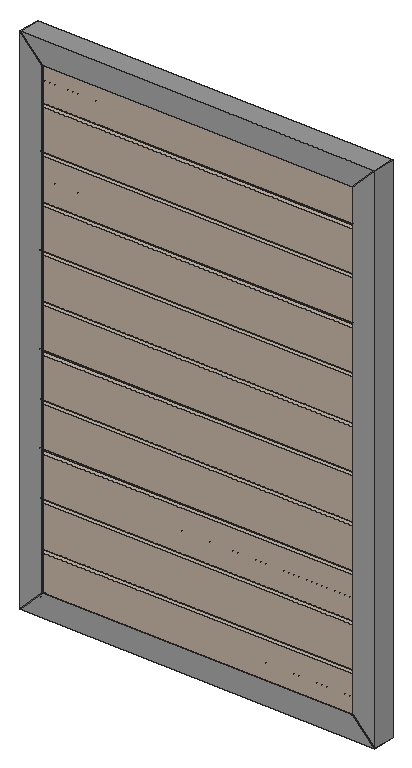
Revit family "TandG_Aluminum_Plank_Solid_Panel", category Specialty Equipment, Revit 2025
Family settings
  Round Connector Dimension = Use Diameter
  Part Type = Normal
  OmniClass Number = 23.55.00.00
  OmniClass Title = Manufactured Structures
  Work Plane-Based = No
  Enable Cutting in Views = No
  Always vertical = No
  Cut with Voids When Loaded = No
  Maintain Annotation Orientation = No
  Shared = No
  Room Calculation Point = No
Parameters (values of type "Assembly")
  Width [instance] = if(Desired Overall Width < C Min Width, C Min Width, if(Desired Overall Width > C Max Width, C Max Width, Desired Overall Width))  # 4' - 0"
  Warranty URL = "https://palmshieldlouvers.com/wp-content/uploads/2020/01/PalmSHIELD-Warranty-NO-SIGN-LINE.pdf"
  Version = "2020 - v1.0a"  # constant formula
  URL = "https://palmshieldlouvers.com/"
  Product Page URL = "https://palmshieldlouvers.com/products/augustus-solid/"
  Product Documentation Link = "https://palmshieldlouvers.com/wp-content/uploads/2020/05/PalmSHIELD-Solid-Composite-Technical-Data-Sheet.pdf"
  Offset From Surface = 0' - 2"  # constant formula
  Model = "Augustus - Aluminum"  # constant formula
  Material = Metal - PalmSHIELD - Dusty Grey
  Manufacturer Phone Number = "531-329-4406 "  # constant formula
  Manufacturer Email = "mailto: info@palmshieldlouvers.com"
  Manufacturer Address = "12330 Cary Circle, La Vista, NE 68128"  # constant formula
  Manufacturer = "PalmSHIELD"  # constant formula
  Louver Finish = Metal - PalmSHIELD - Grey Beige
  Keynote = "05 10 00"
  Instruction Sheet Link = "https://palmshieldlouvers.com/wp-content/uploads/2020/01/PalmSHIELD-Post-Panel-Gate-Installation-Instructions-REV-1.pdf"
  ID [instance] = "Not Assigned"
  Height [instance] = if(Desired Overall Height < C Min Height, C Min Height, if(Desired Overall Height > C Max Height, C Max Height, Desired Overall Height))  # 6' - 0"
  Desired Overall Width [instance] = 4' - 0"
  Desired Overall Height [instance] = 6' - 0"
  Desired Bottom Angle [instance] = 0.00°
  Description = "Augustus - Aluminum - Panel Assembly"  # constant formula
  Default Elevation = 0' - 0"
  Copyright = "Copyright ©2024 The American Fence Company and PalmSHIELD. All Rights Reserved."  # constant formula
  Component Vis [instance] = yes
  Component Name [instance] = "Augustus - Aluminum - Panel Assembly"  # constant formula
  C Min Width [instance] = 4' - 0"  # constant formula
  C Min Height [instance] = C Min Width  # 4' - 0"
  C Max Width [instance] = 6' - 0"  # constant formula
  C Max Height [instance] = 8' - 0"  # constant formula
  C Angle [instance] = if(Desired Bottom Angle > 10.00°, 10.00°, if(Desired Bottom Angle < -10.00°, -10.00°, Desired Bottom Angle))  # 0.00°
  Assembly Code = "F1020100"
Reference planes (in)
  plane 1 "Center (Front/Back)": y = 0
  plane 2: z = 0
  plane 3 "Center (Left/Right)": x = 0
  plane 4: z = 72
  plane 5: x = 48
  plane 6: y = 3
  plane 7: y = 1.5
Lines and regions (in)
  reference lines
    curve 1: line (48, 0, 96.95698) -> (48, 0, -11)
    curve 2: line (-20.8931, 0, 72) -> (71.1069, 0, 72)
Dimensions and locks (in)
  "Desired Overall Height": curve 2 to level
  "Desired Overall Width": curve 1 to plane 3 "Center (Left/Right)"
  "Height": plane 4 to level
  "Width": plane 5 to plane 3 "Center (Left/Right)"
  equal spacing: plane 1 "Center (Front/Back)", plane 7, plane 6
  aligned and locked: plane 2 to level
Automatic sketch dimensions
  curve 2 to plane 3 "Center (Left/Right)" = 1' - 8.8931"
  plane 5 to curve 2 = 1' - 11.1069"
  curve 1 to level = 0' - 11"
  plane 4 to curve 1 = 2' - 0.95698"
Nested families (in)
  nested 1: "Screening-Louver-Assembly-Panel-Palmshield-Augustus-Aluminum" at (0, 0, 0), Desired Overall Height <- "Desired Overall Height", Desired Overall Width <- "Desired Overall Width", ID <- "ID", Height <- "Height", Width <- "Width", Component Vis <- "Component Vis", type "Assembly"
    with Width 4' - 0", Louver Length 3' - 7", ID "Not Assigned", Height 6' - 0", Desired Overall Width 4' - 0", Desired Overall Height 6' - 0", Desired Bottom Angle 0.00°, Component Vis yes, Component Name "Augustus - Aluminum - Panel Assembly", C Top Post Length 4' - 0", C Straight Corner Angle 45.00°, C Slope Angle Neg 0.00°, C Slope Angle 0.00°, C Side Frame Width 0' - 3", C Side Adjustment 0' - 0", C Rib Thickness Bottom Offset 0' - 0 1/4", C Rib Bottom Side Offset 0' - 0", C Louver Offset 0' - 2", C Louver Count 11, C Infill Angle Width Right 0' - 0", C Infill Angle Width Left 0' - 1", C Infill Angle Offset 0' - 0 1/4", C Hip 4' - 0", C Frame Offset 0' - 2 1/2", C Corner Offset 0' - 0", C B-Side Post Length 6' - 0", C B-Side Angle 45.00°, C Angle 90.00°, C A-Side Post Length 6' - 0", C A-Side Angle 45.00°
  nested 2: "Nested-L_Frame-Palmshield-Augustus" at (0, 0, 72) x (0, 1, 0) z (1, 0, 0), type "ALUM L 3" X 3" X 1/4""
    with Material Metal - PalmSHIELD - Dusty Grey, Length 5' - 10", ID "Not Assigned", Component Name "Augustus - Aluminum - L Frame", B-Side Cut Angle 45.00°, A-Side Cut Angle 45.00°
  nested 3: "Nested-L_Frame-Palmshield-Augustus" at (48, 0, 2) x (0, 1, 0) z (-1, 0, 0), type "ALUM L 3" X 3" X 1/4""
    with Material Metal - PalmSHIELD - Dusty Grey, Length 5' - 10", ID "Not Assigned", Component Name "Augustus - Aluminum - L Frame", B-Side Cut Angle 45.00°, A-Side Cut Angle 45.00°
  nested 4: "Nested-L_Frame-Palmshield-Augustus" at (48, 0, 72) x (0, 1, 0) z (0, 0, -1), type "ALUM L 3" X 3" X 1/4""
    with Material Metal - PalmSHIELD - Dusty Grey, Length 4' - 0", ID "Not Assigned", Component Name "Augustus - Aluminum - L Frame", B-Side Cut Angle 45.00°, A-Side Cut Angle 45.00°
  nested 5: "Nested-L_Frame-Palmshield-Augustus" at (0, 0, 2) x (0, 1, 0) z (0, 0, 1), type "ALUM L 3" X 3" X 1/4""
    with Material Metal - PalmSHIELD - Dusty Grey, Length 4' - 0", ID "Not Assigned", Component Name "Augustus - Aluminum - L Frame", B-Side Cut Angle 45.00°, A-Side Cut Angle 45.00°
  nested 6: "Nested-Louvers-Palmshield-Augustus-Aluminum" at (2.5, 1.188, 10.25) x (0, -1, 0) z (1, 0, 0), type "6" TONGUE AND GROOVE INFILL SLATS"
    with Material Metal - PalmSHIELD - Grey Beige, Length 3' - 7", ID "Not Assigned", Component Name "Augustus - Aluminum - Infill Slat"
  nested 7: "Nested-Louvers-Palmshield-Augustus-Aluminum" at (2.5, 1.188, 28.25) x (0, -1, 0) z (1, 0, 0), type "6" TONGUE AND GROOVE INFILL SLATS"
    with Material Metal - PalmSHIELD - Grey Beige, Length 3' - 7", ID "Not Assigned", Component Name "Augustus - Aluminum - Infill Slat"
  nested 8: "Nested-Louvers-Palmshield-Augustus-Aluminum" at (2.5, 1.188, 34.25) x (0, -1, 0) z (1, 0, 0), type "6" TONGUE AND GROOVE INFILL SLATS"
    with Material Metal - PalmSHIELD - Grey Beige, Length 3' - 7", ID "Not Assigned", Component Name "Augustus - Aluminum - Infill Slat"
  nested 9: "Nested-Louvers-Palmshield-Augustus-Aluminum" at (2.5, 1.188, 40.25) x (0, -1, 0) z (1, 0, 0), type "6" TONGUE AND GROOVE INFILL SLATS"
    with Material Metal - PalmSHIELD - Grey Beige, Length 3' - 7", ID "Not Assigned", Component Name "Augustus - Aluminum - Infill Slat"
  nested 10: "Nested-Louvers-Palmshield-Augustus-Aluminum" at (2.5, 1.188, 46.25) x (0, -1, 0) z (1, 0, 0), type "6" TONGUE AND GROOVE INFILL SLATS"
    with Material Metal - PalmSHIELD - Grey Beige, Length 3' - 7", ID "Not Assigned", Component Name "Augustus - Aluminum - Infill Slat"
  nested 11: "Nested-Louvers-Palmshield-Augustus-Aluminum" at (2.5, 1.188, 52.25) x (0, -1, 0) z (1, 0, 0), type "6" TONGUE AND GROOVE INFILL SLATS"
    with Material Metal - PalmSHIELD - Grey Beige, Length 3' - 7", ID "Not Assigned", Component Name "Augustus - Aluminum - Infill Slat"
  nested 12: "Nested-Louvers-Palmshield-Augustus-Aluminum" at (2.5, 1.188, 58.25) x (0, -1, 0) z (1, 0, 0), type "6" TONGUE AND GROOVE INFILL SLATS"
    with Material Metal - PalmSHIELD - Grey Beige, Length 3' - 7", ID "Not Assigned", Component Name "Augustus - Aluminum - Infill Slat"
  nested 13: "Nested-Louvers-Palmshield-Augustus-Aluminum" at (2.5, 1.188, 64.25) x (0, -1, 0) z (1, 0, 0), type "6" TONGUE AND GROOVE INFILL SLATS"
    with Material Metal - PalmSHIELD - Grey Beige, Length 3' - 7", ID "Not Assigned", Component Name "Augustus - Aluminum - Infill Slat"
  nested 14: "Nested-Louvers-Palmshield-Augustus-Aluminum" at (2.5, 1.188, 70.25) x (0, -1, 0) z (1, 0, 0), type "6" TONGUE AND GROOVE INFILL SLATS"
    with Material Metal - PalmSHIELD - Grey Beige, Length 3' - 7", ID "Not Assigned", Component Name "Augustus - Aluminum - Infill Slat"
  nested 15: "Nested-Louvers-Palmshield-Augustus-Aluminum" at (2.5, 1.188, 16.25) x (0, -1, 0) z (1, 0, 0), type "6" TONGUE AND GROOVE INFILL SLATS"
    with Material Metal - PalmSHIELD - Grey Beige, Length 3' - 7", ID "Not Assigned", Component Name "Augustus - Aluminum - Infill Slat"
  nested 16: "Nested-Louvers-Palmshield-Augustus-Aluminum" at (2.5, 1.188, 22.25) x (0, -1, 0) z (1, 0, 0), type "6" TONGUE AND GROOVE INFILL SLATS"
    with Material Metal - PalmSHIELD - Grey Beige, Length 3' - 7", ID "Not Assigned", Component Name "Augustus - Aluminum - Infill Slat"
Definition of nested family "Nested-L_Frame-Palmshield-Augustus"
  Parameters (values of type "ALUM L 3" X 3" X 1/4"")
    Width = 0' - 3"  # constant formula
    Warranty URL = "https://palmshieldlouvers.com/wp-content/uploads/2020/01/PalmSHIELD-Warranty-NO-SIGN-LINE.pdf"
    Version = "2020 - v1.0a"  # constant formula
    URL = "https://palmshieldlouvers.com/"
    Thickness = 0' - 0 1/4"  # constant formula
    Product Page URL = "https://palmshieldlouvers.com/products/semi-private-screening/"
    Product Documentation Link = "Contact Manufacturer for More Information"
    Model = "Augustus"  # constant formula
    Material [instance] = none
    Manufacturer Phone Number = "531-329-4406 "  # constant formula
    Manufacturer Fax Number = "Consult Manufacturer Website for More Information"  # constant formula
    Manufacturer Email = "mailto: info@palmshieldlouvers.com"
    Manufacturer Address = "12330 Cary Circle, La Vista, NE 68128"  # constant formula
    Manufacturer = "PalmSHIELD"  # constant formula
    Length [instance] = 4' - 4.86713"
    Keynote = "05 10 00"
    Instruction Sheet Link = "Contact Manufacturer for More Information"
    ID [instance] = ""
    Description = "Augustus - L Frame"  # constant formula
    Default Elevation = 4' - 0"
    Copyright = "Copyright ©2024 The American Fence Company and PalmSHIELD. All Rights Reserved."  # constant formula
    Component Name [instance] = "Augustus - Aluminum - L Frame"  # constant formula
    C Hole Offset = 0' - 1 1/2"  # constant formula
    B-Side Cut Angle [instance] = 45.00°
    Assembly Code = "F1020100"
    A-Side Cut Angle [instance] = 45.00°
  Reference planes (in)
    plane 1 "Center (Front/Back)": y = 0
    plane 2: z = 0
    plane 3 "Center (Left/Right)": x = 0
    plane 4: x = 3
    plane 5: y = -52.86713
    plane 6: z = 3
  Forms (in)
    Extrusion 1, solid
      sketch origin (0, 0, 0) x (1, 0, 0) y (0, 1, 0)
        loop
          line (-48, 48) -> (-48, -48) -> (48, -48) -> (48, 48) -> (-48, 48)
      from 0 to -12
    Sweep 2, solid, material <- "Material"
      path origin (0, 0, 0) x (0, 1, 0) y (0, 0, 1)
        loop
          line (0, 0) -> (-52.86713, 0)
      profile "Profile-Palmshield-L : AL L3" X 3" X 1/4" - 6061-T6" origin (0, -26.43357, 0) x (0, 0, -1) y (1, 0, 0)
        loop
          line (-0.3125, 0.25) -> (-2.875, 0.25)
          arc (-2.875, 0.25) -> (-2.96339, 0.21339) -> (-3, 0.125) r 0.125
          line (-3, 0.125) -> (-3, 0) -> (0, 0) -> (0, 3) -> (-0.125, 3)
          arc (-0.125, 3) -> (-0.21339, 2.96339) -> (-0.25, 2.875) r 0.125
          line (-0.25, 2.875) -> (-0.25, 0.3125)
          arc (-0.25, 0.3125) -> (-0.26831, 0.26831) -> (-0.3125, 0.25) r 0.0625
    Extrusion 3, void
      sketch origin (0, 0, 0) x (0, 1, 0) y (0, 0, 1)
        loop
          line (-3, 3) -> (0, 0) -> (4.7449, 0) -> (4.7449, 3) -> (-3, 3)
        loop
          line (-57.61203, 3) -> (-57.61203, 0) -> (-52.86713, 0) -> (-49.86713, 3) -> (-57.61203, 3)
      from 0 to 3
  Cuts and joins
    Extrusion 3 cuts Sweep 2
  Dimensions and locks (in)
    "Width": plane 3 "Center (Left/Right)" to plane 4
    "Length": plane 1 "Center (Front/Back)" to plane 5
    "Width": plane 6 to plane 2
    locked: Extrusion 3 sketch curve to plane 1 "Center (Front/Back)" at 4.7449
    locked: plane 5 to Extrusion 3 sketch curve at 4.7449
    "B-Side Cut Angle": angle Extrusion 3 sketch curve to plane 1 "Center (Front/Back)"
    "A-Side Cut Angle": angle plane 5 to Extrusion 3 sketch curve
    aligned and locked: plane 2 to Extrusion 1
    aligned and locked: level to Extrusion 1
    aligned and locked: plane 1 "Center (Front/Back)" to Sweep 2 sketch curve
    aligned and locked: plane 5 to Sweep 2 sketch curve
    aligned and locked: Extrusion 3 sketch curve to plane 6
    aligned and locked: level to Extrusion 3 sketch curve
    aligned and locked: plane 6 to Extrusion 3 sketch curve
    aligned and locked: Extrusion 3 sketch curve to plane 2
    aligned and locked: plane 1 "Center (Front/Back)" to Extrusion 3 sketch curve
    aligned and locked: plane 2 to Extrusion 3 sketch curve
    aligned and locked: plane 5 to Extrusion 3 sketch curve
    aligned and locked: Extrusion 3 to plane 3 "Center (Left/Right)"
    aligned and locked: Extrusion 3 to plane 4
  Automatic sketch dimensions
    Extrusion 1 sketch curve to Extrusion 1 sketch curve = 8' - 0"  (x2)
    Sweep 2 sketch curve to level = 0' - 0"
Definition of nested family "Nested-Louvers-Palmshield-Augustus-Aluminum"
  Parameters (values of type "6" TONGUE AND GROOVE INFILL SLATS")
    Width = 0' - 6 1/2"  # constant formula
    Warranty URL = "https://palmshieldlouvers.com/wp-content/uploads/2020/01/PalmSHIELD-Warranty-NO-SIGN-LINE.pdf"
    Version = "2020 - v1.0a"  # constant formula
    URL = "https://palmshieldlouvers.com/"
    Thickness = 0' - 0 15/16"  # constant formula
    Product Page URL = "Contact Manufacturer for More Information"
    Product Documentation Link = "Contact Manufacturer for More Information"
    Model = "Augustus - Vinyl"  # constant formula
    Material [instance] = none
    Manufacturer Phone Number = "531-329-4406 "  # constant formula
    Manufacturer Fax Number = "Consult Manufacturer Website for More Information"  # constant formula
    Manufacturer Email = "mailto: info@palmshieldlouvers.com"
    Manufacturer Address = "12330 Cary Circle, La Vista, NE 68128"  # constant formula
    Manufacturer = "PalmSHIELD"  # constant formula
    Length [instance] = 4' - 4.86713"
    Keynote = "05 10 00"
    ID [instance] = ""
    Description = "Augustus - Aluminum - Infill Slat"  # constant formula
    Default Elevation = 4' - 0"
    Copyright = "©2023 The American Fence Company and PalmSHIELD. All Rights Reserved."  # constant formula
    Component Name [instance] = "Augustus - Aluminum - Infill Slat"  # constant formula
    Assembly Code = "F1020100"
  Reference planes (in)
    plane 1 "Center (Front/Back)": y = 0
    plane 2: z = 0
    plane 3 "Center (Left/Right)": x = 0
    plane 4: z = 52.86713
    plane 5: y = 6.5
  Forms (in)
    Extrusion 1, solid
      sketch origin (0, 0, 0) x (1, 0, 0) y (0, 1, 0)
        loop
          line (-48, 48) -> (-48, -48) -> (48, -48) -> (48, 48) -> (-48, 48)
      from 0 to -12
    Sweep 2, solid, material <- "Material"
      path origin (0, 0, 0) x (0, 1, 0) y (0, 0, 1)
        loop
          line (0, 0) -> (0, 52.86713)
      profile "Profile-Palmshield-Louver : LOUVERS TYP. - 6063-T6" origin (0, 0, 26.43357) x (0, -1, 0) y (1, 0, 0)
        loop
          line (-3.28125, 0.8755) -> (-5.97411, 0.8755) -> (-6.1875, 0.66211) -> (-6.1875, 0.5315) -> (-5.9375, 0.5315) -> (-5.9375, 0.2815) -> (-6.19311, 0.2815) -> (-5.97411, 0.0625) -> (-3.28125, 0.0625) -> (-3.28125, 0.8755)
        loop
          line (-0.5625, 0.6565) -> (-0.30689, 0.6565) -> (-0.52589, 0.8755) -> (-3.21875, 0.8755) -> (-3.21875, 0.0625) -> (-0.52589, 0.0625) -> (-0.3125, 0.27589) -> (-0.3125, 0.4065) -> (-0.5625, 0.4065) -> (-0.5625, 0.6565)
        loop
          line (-6.25, 0.25) -> (-6, 0) -> (-3.25, 0) -> (-0.5, 0) -> (-0.25, 0.25) -> (-0.25, 0.344) -> (0, 0.344) -> (0, 0.469) -> (-0.5, 0.469) -> (-0.5, 0.594) -> (-0.25, 0.594) -> (-0.25, 0.688) -> (-0.5, 0.938) -> (-3.25, 0.938) -> (-6, 0.938) -> (-6.25, 0.688) -> (-6.25, 0.594) -> (-6.5, 0.594) -> (-6.5, 0.469) -> (-6, 0.469) -> (-6, 0.344) -> (-6.25, 0.344) -> (-6.25, 0.25)
  Dimensions and locks (in)
    "Length": plane 4 to plane 2
    "Width": plane 5 to plane 1 "Center (Front/Back)"
    aligned and locked: plane 2 to Extrusion 1
    aligned and locked: level to Extrusion 1
    aligned and locked: plane 1 "Center (Front/Back)" to Sweep 2 sketch curve
    aligned and locked: plane 4 to Sweep 2 sketch curve
  Automatic sketch dimensions
    Extrusion 1 sketch curve to Extrusion 1 sketch curve = 8' - 0"  (x2)
    Sweep 2 sketch curve to level = 0' - 0"
Definition of nested family "Screening-Louver-Assembly-Panel-Palmshield-Augustus-Aluminum"
  Parameters (values of type "Assembly")
    Width [instance] = if(Desired Overall Width < 3' 0", 3' 0", if(Desired Overall Width > 6' 0", 6' 0", Desired Overall Width))  # 4' - 0"
    Warranty URL = "https://palmshieldlouvers.com/wp-content/uploads/2020/01/PalmSHIELD-Warranty-NO-SIGN-LINE.pdf"
    Version = "2020 - v1.0a"  # constant formula
    URL = "https://palmshieldlouvers.com/"
    Offset From Surface = 0' - 2"  # constant formula
    Material = none
    Louver Separation = 0' - 0"  # constant formula
    Product Page URL = "https://palmshieldlouvers.com/products/augustus-solid/"
    Product Documentation Link = "https://palmshieldlouvers.com/wp-content/uploads/2020/05/PalmSHIELD-Solid-Composite-Technical-Data-Sheet.pdf"
    Model = "Augustus - Aluminum - Post Assembly"  # constant formula
    Manufacturer Phone Number = "531-329-4406 "  # constant formula
    Manufacturer Fax Number = "Consult Manufacturer Website for More Information"  # constant formula
    Manufacturer Email = "mailto: info@palmshieldlouvers.com"
    Manufacturer Address = "12330 Cary Circle, La Vista, NE 68128"  # constant formula
    Manufacturer = "PalmSHIELD"  # constant formula
    Louver Length [instance] = Width - 2 * C Frame Offset  # 3' - 7"
    Louver Finish = none
    Keynote = "05 10 00"
    Instruction Sheet Link = "https://palmshieldlouvers.com/wp-content/uploads/2020/01/PalmSHIELD-Post-Panel-Gate-Installation-Instructions-REV-1.pdf"
    ID [instance] = "Not Assigned"
    Height [instance] = if(Desired Overall Height < 3' 0", 3' 0", if(Desired Overall Height > 8' 0", 8' 0", Desired Overall Height))  # 6' - 7 3/16"
    Frame Width = 0' - 3"  # constant formula
    Frame Thickness = 0' - 0 1/4"  # constant formula
    Desired Overall Width [instance] = 4' - 0"
    Desired Overall Height [instance] = 6' - 7 3/16"
    Description = "Augustus - Aluminum - Panel Assembly"  # constant formula
    Default Elevation = 0' - 0"
    Copyright = "Copyright ©2024 The American Fence Company and PalmSHIELD. All Rights Reserved."  # constant formula
    Component Vis [instance] = yes
    Component Name [instance] = "Augustus - Aluminum - Panel Assembly"  # constant formula
    C Top Post Length [instance] = Width  # 4' - 0"
    C Straight Corner Angle [instance] = 45.00°  # constant formula
    C Slope Angle Neg [instance] = -1 * C Slope Angle  # 0.00°
    C Slope Angle [instance] = if(Desired Bottom Angle < -25.00°, 25.00°, if(Desired Bottom Angle > 25.00°, 25.00°, Desired Bottom Angle))  # 0.00°
    C Side Frame Width [instance] = Frame Width  # 0' - 3"
    C Rib Thickness Bottom Offset [instance] = Frame Thickness * cos(C Slope Angle)  # 0' - 0 1/4"
    C Rib Bottom Side Offset [instance] = if(C Slope Angle < 0.00°, -Frame Thickness * sin(C Slope Angle), Frame Thickness * sin(C Slope Angle))  # 0' - 0"
    C Louver Separation = 0' - 1 1/2"  # constant formula
    C Louver Overlap = 0' - 0 1/2"  # constant formula
    C Louver Offset [instance] = if(C Slope Angle > 0.00°, C Louver Overlap, (Height - Offset From Surface - (C Louver Count * C Louver Height)) / 2)  # 0' - 2 19/32"
    C Louver Height = 0' - 6"  # constant formula
    C Louver Count [instance] = if(C Slope Angle > 0.00°, rounddown((Height - Offset From Surface - 2 * C Louver Overlap - C Corner Offset) / (C Louver Height)), rounddown((Height - Offset From Surface - 2 * C Louver Overlap) / (C Louver Height)))  # 12
    C Infill Retainer Back Offset = 0' - 1 3/8"  # constant formula
    C Infill Angle Width Right [instance] = if(C Slope Angle > 0.00°, C Infill Angle Width, 0' 0")  # 0' - 0"
    C Infill Angle Width Left [instance] = if(C Infill Angle Width Right = 0' 0", C Infill Angle Width, 0' 0")  # 0' - 1"
    C Infill Angle Width = 0' - 1"  # constant formula
    C Infill Angle Offset Side = Frame Thickness  # 0' - 0 1/4"
    C Infill Angle Offset [instance] = (Frame Thickness * sin(C Slope Angle) * tan(C Slope Angle)) + (Frame Thickness * cos(C Slope Angle))  # 0' - 0 1/4"
    C Hip [instance] = Width / cos(C Slope Angle)  # 4' - 0"
    C Side Adjustment [instance] = -C Hip * sin(C Slope Angle)  # 0' - 0"
    C Frame Offset [instance] = C Side Frame Width - 0' 0 1/2"  # 0' - 2 1/2"
    C Corner Offset [instance] = if(C Slope Angle > 0.00°, (Width / cos(C Slope Angle)) * sin(C Slope Angle), 0' 0")  # 0' - 0"
    C B-Side Post Length [instance] = Height + C Side Adjustment  # 6' - 7 3/16"
    C B-Side Angle [instance] = (90.00° - C Slope Angle) / 2  # 45.00°
    C Angle [instance] = if(C Slope Angle < -25.00°, 90.00° - 25.00°, if(C Slope Angle > 25.00°, 90.00° + 25.00°, 90.00° - C Slope Angle))  # 90.00°
    Desired Bottom Angle [instance] = 0.00°
    C A-Side Post Length [instance] = Height  # 6' - 7 3/16"
    C A-Side Angle [instance] = (90.00° + C Slope Angle) / 2  # 45.00°
    Assembly Code = "F1020100"
  Reference planes (in)
    plane 1 "Center (Front/Back)": y = 0
    plane 2: z = 0
    plane 3 "Center (Left/Right)": x = 0
    plane 4 "Top": z = 79.1875
    plane 5 "Side B": x = 48
    plane 6: z = 2
    plane 7: x = 0.25
    plane 8: x = 47.75
    plane 9: y = 0.25
    plane 10: y = 3
    plane 11: z = 78.9375
    plane 12: z = 2.25
    plane 13: x = 0
    plane 14: x = 2.5
    plane 15: x = 45.5
    plane 16: x = 0.25
    plane 17: x = 47.75
    plane 18: x = 47.75
    plane 19: x = 1.25
    plane 20: y = 1.625
    plane 21: z = 2
    plane 22: z = 4.59375
    plane 23: z = 76.59375
    plane 24: z = 70.59375
  Forms (in)
    Extrusion 1, solid
      sketch origin (0, 0, 0) x (1, 0, 0) y (0, 1, 0)
        loop
          line (-48, 48) -> (-48, -48) -> (88.86286, -48) -> (88.86286, 48) -> (-48, 48)
      from 0 to -12
  Lines and regions (in)
    reference lines
      curve 1: line (0, 0, 2) -> (84, 0, 2)
      curve 2: line (-20.50465, 0, 0.08297) -> (48, 0, 0.08297)
      curve 3: line (-35.89001, 0, 79.1875) -> (82.91871, 0, 79.1875)
      curve 4: line (48, 0, 95.71526) -> (48, 0, 1.9497)
      curve 5: line (47.75, 0, 2) -> (45.38409, 0, 2)
      curve 6: line (47.75, 0, 2.25) -> (45.38409, 0, 2.25)
      curve 7: line (45.38409, 0, 2) -> (45.38409, 0, 2.25)
      curve 8: line (1.25, 0, 2) -> (-0.33727, 0, 2)
      curve 9: line (1.25, 0, 2.25) -> (-0.33727, 0, 2.25)
      curve 10: line (-0.33727, 0, 2.25) -> (-0.33727, 0, 2)
      curve 11: line (48, 0, 2) -> (46, 0, 2)
  Dimensions and locks (in)
    "Width": plane 5 "Side B" to plane 3 "Center (Left/Right)"
    "Offset From Surface": plane 6 to Extrusion 1
    "Frame Thickness": plane 7 to plane 3 "Center (Left/Right)"
    "Frame Thickness": plane 5 "Side B" to plane 8
    "Frame Thickness": plane 9 to plane 1 "Center (Front/Back)"
    plane 3 "Center (Left/Right)" to plane 5 "Side B" = 4' - 0"
    "Frame Thickness": plane 4 "Top" to plane 11
    "C Rib Thickness Bottom Offset": plane 12 to plane 6
    "C Rib Bottom Side Offset": plane 3 "Center (Left/Right)" to plane 13
    "Desired Overall Width": curve 4 to plane 3 "Center (Left/Right)"
    "C Frame Offset": plane 14 to plane 3 "Center (Left/Right)"
    equal spacing: curve 4, plane 15, plane 14
    "C Frame Offset": plane 5 "Side B" to plane 15
    "C Infill Angle Offset Side": plane 16 to plane 3 "Center (Left/Right)"
    "C Infill Angle Offset Side": plane 5 "Side B" to plane 17
    "C Infill Angle Offset": curve 6 to curve 5
    "C Infill Angle Width Right": plane 17 to plane 18
    locked: plane 18 to curve 7 at 2.36591
    "Frame Width": plane 10 to plane 1 "Center (Front/Back)"
    "C Infill Angle Width Left": plane 19 to plane 16
    "C Infill Angle Offset": curve 9 to curve 8
    "C Infill Retainer Back Offset": plane 10 to plane 20
    "C Corner Offset": plane 21 to plane 6
    "C Louver Offset": plane 22 to plane 21
    "C Louver Offset": plane 4 "Top" to plane 23
    locked: plane 16 to curve 10 at 0.58727
    "C Louver Height": plane 23 to plane 24
    equal spacing: group 1, group 2, group 3, group 4, group 5, group 6, group 7, group 8, group 9, group 10, group 11, group 12  (x2)
    equal spacing: group 12, group 11, group 10, group 9, group 8, group 7, group 6, group 5, group 4, group 3, group 2, group 1
    locked: plane 5 "Side B" to curve 11 at 2
    "Desired Overall Height": curve 3 to plane 2
    "Height": plane 4 "Top" to plane 2
    "C Angle": angle curve 1 to plane 3 "Center (Left/Right)"
    locked: plane 18 to curve 5 (angle 90.00°)
    locked: plane 5 "Side B" to curve 11 (angle 90.00°)
    aligned and locked: Extrusion 1 to plane 2
    aligned and locked: Extrusion 1 to level
    aligned and locked: plane 6 to curve 1
    aligned and locked: plane 3 "Center (Left/Right)" to curve 1
    aligned and locked: nested 1 to plane 1 "Center (Front/Back)"
    aligned and locked: nested 1 to plane 5 "Side B"
    aligned and locked: nested 1 to plane 3 "Center (Left/Right)"
    aligned and locked: nested 2 to plane 4 "Top"
    aligned and locked: nested 2 to plane 6
    aligned and locked: nested 2 to plane 1 "Center (Front/Back)"
    aligned and locked: plane 4 "Top" to nested 3
    aligned and locked: nested 3 to plane 1 "Center (Front/Back)"
    aligned and locked: nested 4 to plane 1 "Center (Front/Back)"
    aligned and locked: plane 18 to curve 5
    aligned and locked: plane 18 to curve 6
    aligned and locked: plane 19 to curve 8
    aligned and locked: plane 19 to curve 9
    aligned and locked: plane 23 to nested 5
    aligned and locked: plane 24 to nested 6
    aligned and locked: plane 5 "Side B" to curve 11
    aligned and locked: nested 3 to curve 11
    aligned and locked: plane 9 to nested 5
    aligned and locked: plane 9 to nested 6
  Automatic sketch dimensions
    Extrusion 1 sketch curve to Extrusion 1 sketch curve = 11' - 4.86286"
    Extrusion 1 sketch curve to Extrusion 1 sketch curve = 8' - 0"
    level to curve 2 = 0' - 0.08297"
    curve 2 to curve 8 = 1' - 8.16738"
    curve 3 to plane 3 "Center (Left/Right)" = 2' - 11.89001"
    plane 5 "Side B" to curve 3 = 2' - 10.91871"
    curve 4 to plane 6 = 0' - 0.0503"
    plane 4 "Top" to curve 4 = 1' - 4.52776"
  Nested families (in)
    nested 1: "Nested-L_Frame-Palmshield-Augustus" at (48, 0, 79.1875) x (0, 1, 0) z (0, 0, -1), ID <- "ID", Material <- "Material", A-Side Cut Angle <- "C Straight Corner Angle", B-Side Cut Angle <- "C Straight Corner Angle", visible <- "Component Vis", type "ALUM L 3" X 3" X 1/4""
      with Material none, Length 4' - 0", ID "Not Assigned", Component Name "Augustus - Aluminum - L Frame", B-Side Cut Angle 45.00°, A-Side Cut Angle 45.00°
    nested 2: "Nested-L_Frame-Palmshield-Augustus" at (0, 0, 79.1875) x (0, 1, 0) z (1, 0, 0), ID <- "ID", Material <- "Material", B-Side Cut Angle <- "C Straight Corner Angle", A-Side Cut Angle <- "C A-Side Angle", visible <- "Component Vis", type "ALUM L 3" X 3" X 1/4""
      with Material none, Length 6' - 5 3/16", ID "Not Assigned", Component Name "Augustus - Aluminum - L Frame", B-Side Cut Angle 45.00°, A-Side Cut Angle 45.00°
    nested 3: "Nested-L_Frame-Palmshield-Augustus" at (48, 0, 2) x (0, 1, 0) z (-1, 0, 0), ID <- "ID", Material <- "Material", B-Side Cut Angle <- "C B-Side Angle", A-Side Cut Angle <- "C Straight Corner Angle", visible <- "Component Vis", type "ALUM L 3" X 3" X 1/4""
      with Material none, Length 6' - 5 3/16", ID "Not Assigned", Component Name "Augustus - Aluminum - L Frame", B-Side Cut Angle 45.00°, A-Side Cut Angle 45.00°
    nested 4: "Nested-L_Frame-Palmshield-Augustus" at (0, 0, 2) x (0, 1, 0) z (0, 0, 1), Length <- "C Hip", ID <- "ID", Material <- "Material", A-Side Cut Angle <- "C B-Side Angle", B-Side Cut Angle <- "C A-Side Angle", visible <- "Component Vis", type "ALUM L 3" X 3" X 1/4""
      with Material none, Length 4' - 0", ID "Not Assigned", Component Name "Augustus - Aluminum - L Frame", B-Side Cut Angle 45.00°, A-Side Cut Angle 45.00°
    nested 5: "Nested-Louvers-Palmshield-Augustus-Aluminum" at (2.5, 1.188, 76.84375) x (0, -1, 0) z (1, 0, 0), Length <- "Louver Length", ID <- "ID", Material <- "Louver Finish", visible <- "Component Vis", type "6" TONGUE AND GROOVE INFILL SLATS"
      with Material none, Length 3' - 7", ID "Not Assigned", Component Name "Augustus - Aluminum - Infill Slat"
    nested 6: "Nested-Louvers-Palmshield-Augustus-Aluminum" at (2.5, 1.188, 70.84375) x (0, -1, 0) z (1, 0, 0), Length <- "Louver Length", ID <- "ID", Material <- "Louver Finish", visible <- "Component Vis", type "6" TONGUE AND GROOVE INFILL SLATS"
      with Material none, Length 3' - 7", ID "Not Assigned", Component Name "Augustus - Aluminum - Infill Slat"
    nested 7: "Nested-Louvers-Palmshield-Augustus-Aluminum" at (2.5, 1.188, 64.84375) x (0, -1, 0) z (1, 0, 0), Length <- "Louver Length", ID <- "ID", Material <- "Louver Finish", visible <- "Component Vis", type "6" TONGUE AND GROOVE INFILL SLATS"
      with Material none, Length 3' - 7", ID "Not Assigned", Component Name "Augustus - Aluminum - Infill Slat"
    nested 8: "Nested-Louvers-Palmshield-Augustus-Aluminum" at (2.5, 1.188, 58.84375) x (0, -1, 0) z (1, 0, 0), Length <- "Louver Length", ID <- "ID", Material <- "Louver Finish", visible <- "Component Vis", type "6" TONGUE AND GROOVE INFILL SLATS"
      with Material none, Length 3' - 7", ID "Not Assigned", Component Name "Augustus - Aluminum - Infill Slat"
    nested 9: "Nested-Louvers-Palmshield-Augustus-Aluminum" at (2.5, 1.188, 52.84375) x (0, -1, 0) z (1, 0, 0), Length <- "Louver Length", ID <- "ID", Material <- "Louver Finish", visible <- "Component Vis", type "6" TONGUE AND GROOVE INFILL SLATS"
      with Material none, Length 3' - 7", ID "Not Assigned", Component Name "Augustus - Aluminum - Infill Slat"
    nested 10: "Nested-Louvers-Palmshield-Augustus-Aluminum" at (2.5, 1.188, 46.84375) x (0, -1, 0) z (1, 0, 0), Length <- "Louver Length", ID <- "ID", Material <- "Louver Finish", visible <- "Component Vis", type "6" TONGUE AND GROOVE INFILL SLATS"
      with Material none, Length 3' - 7", ID "Not Assigned", Component Name "Augustus - Aluminum - Infill Slat"
    nested 11: "Nested-Louvers-Palmshield-Augustus-Aluminum" at (2.5, 1.188, 40.84375) x (0, -1, 0) z (1, 0, 0), Length <- "Louver Length", ID <- "ID", Material <- "Louver Finish", visible <- "Component Vis", type "6" TONGUE AND GROOVE INFILL SLATS"
      with Material none, Length 3' - 7", ID "Not Assigned", Component Name "Augustus - Aluminum - Infill Slat"
    nested 12: "Nested-Louvers-Palmshield-Augustus-Aluminum" at (2.5, 1.188, 34.84375) x (0, -1, 0) z (1, 0, 0), Length <- "Louver Length", ID <- "ID", Material <- "Louver Finish", visible <- "Component Vis", type "6" TONGUE AND GROOVE INFILL SLATS"
      with Material none, Length 3' - 7", ID "Not Assigned", Component Name "Augustus - Aluminum - Infill Slat"
    nested 13: "Nested-Louvers-Palmshield-Augustus-Aluminum" at (2.5, 1.188, 28.84375) x (0, -1, 0) z (1, 0, 0), Length <- "Louver Length", ID <- "ID", Material <- "Louver Finish", visible <- "Component Vis", type "6" TONGUE AND GROOVE INFILL SLATS"
      with Material none, Length 3' - 7", ID "Not Assigned", Component Name "Augustus - Aluminum - Infill Slat"
    nested 14: "Nested-Louvers-Palmshield-Augustus-Aluminum" at (2.5, 1.188, 22.84375) x (0, -1, 0) z (1, 0, 0), Length <- "Louver Length", ID <- "ID", Material <- "Louver Finish", visible <- "Component Vis", type "6" TONGUE AND GROOVE INFILL SLATS"
      with Material none, Length 3' - 7", ID "Not Assigned", Component Name "Augustus - Aluminum - Infill Slat"
    nested 15: "Nested-Louvers-Palmshield-Augustus-Aluminum" at (2.5, 1.188, 16.84375) x (0, -1, 0) z (1, 0, 0), Length <- "Louver Length", ID <- "ID", Material <- "Louver Finish", visible <- "Component Vis", type "6" TONGUE AND GROOVE INFILL SLATS"
      with Material none, Length 3' - 7", ID "Not Assigned", Component Name "Augustus - Aluminum - Infill Slat"
    nested 16: "Nested-Louvers-Palmshield-Augustus-Aluminum" at (2.5, 1.188, 10.84375) x (0, -1, 0) z (1, 0, 0), Length <- "Louver Length", ID <- "ID", Material <- "Louver Finish", visible <- "Component Vis", type "6" TONGUE AND GROOVE INFILL SLATS"
      with Material none, Length 3' - 7", ID "Not Assigned", Component Name "Augustus - Aluminum - Infill Slat"
  Definition of nested family "Nested-L_Frame-Palmshield-Augustus"
    Parameters (values of type "ALUM L 3" X 3" X 1/4"")
      Width = 0' - 3"  # constant formula
      Warranty URL = "https://palmshieldlouvers.com/wp-content/uploads/2020/01/PalmSHIELD-Warranty-NO-SIGN-LINE.pdf"
      Version = "2020 - v1.0a"  # constant formula
      URL = "https://palmshieldlouvers.com/"
      Thickness = 0' - 0 1/4"  # constant formula
      Product Page URL = "https://palmshieldlouvers.com/products/semi-private-screening/"
      Product Documentation Link = "Contact Manufacturer for More Information"
      Model = "Augustus"  # constant formula
      Material [instance] = none
      Manufacturer Phone Number = "531-329-4406 "  # constant formula
      Manufacturer Fax Number = "Consult Manufacturer Website for More Information"  # constant formula
      Manufacturer Email = "mailto: info@palmshieldlouvers.com"
      Manufacturer Address = "12330 Cary Circle, La Vista, NE 68128"  # constant formula
      Manufacturer = "PalmSHIELD"  # constant formula
      Length [instance] = 4' - 4.86713"
      Keynote = "05 10 00"
      Instruction Sheet Link = "Contact Manufacturer for More Information"
      ID [instance] = ""
      Description = "Augustus - L Frame"  # constant formula
      Default Elevation = 4' - 0"
      Copyright = "Copyright ©2024 The American Fence Company and PalmSHIELD. All Rights Reserved."  # constant formula
      Component Name [instance] = "Augustus - Aluminum - L Frame"  # constant formula
      C Hole Offset = 0' - 1 1/2"  # constant formula
      B-Side Cut Angle [instance] = 45.00°
      Assembly Code = "F1020100"
      A-Side Cut Angle [instance] = 45.00°
    Reference planes (in)
      plane 1 "Center (Front/Back)": y = 0
      plane 2: z = 0
      plane 3 "Center (Left/Right)": x = 0
      plane 4: x = 3
      plane 5: y = -52.86713
      plane 6: z = 3
    Forms (in)
      Extrusion 1, solid
        sketch origin (0, 0, 0) x (1, 0, 0) y (0, 1, 0)
          loop
            line (-48, 48) -> (-48, -48) -> (48, -48) -> (48, 48) -> (-48, 48)
        from 0 to -12
      Sweep 2, solid, material <- "Material"
        path origin (0, 0, 0) x (0, 1, 0) y (0, 0, 1)
          loop
            line (0, 0) -> (-52.86713, 0)
        profile "Profile-Palmshield-L : AL L3" X 3" X 1/4" - 6061-T6" origin (0, -26.43357, 0) x (0, 0, -1) y (1, 0, 0)
          loop
            line (-0.3125, 0.25) -> (-2.875, 0.25)
            arc (-2.875, 0.25) -> (-2.96339, 0.21339) -> (-3, 0.125) r 0.125
            line (-3, 0.125) -> (-3, 0) -> (0, 0) -> (0, 3) -> (-0.125, 3)
            arc (-0.125, 3) -> (-0.21339, 2.96339) -> (-0.25, 2.875) r 0.125
            line (-0.25, 2.875) -> (-0.25, 0.3125)
            arc (-0.25, 0.3125) -> (-0.26831, 0.26831) -> (-0.3125, 0.25) r 0.0625
      Extrusion 3, void
        sketch origin (0, 0, 0) x (0, 1, 0) y (0, 0, 1)
          loop
            line (-3, 3) -> (0, 0) -> (4.7449, 0) -> (4.7449, 3) -> (-3, 3)
          loop
            line (-57.61203, 3) -> (-57.61203, 0) -> (-52.86713, 0) -> (-49.86713, 3) -> (-57.61203, 3)
        from 0 to 3
    Cuts and joins
      Extrusion 3 cuts Sweep 2
    Dimensions and locks (in)
      "Width": plane 3 "Center (Left/Right)" to plane 4
      "Length": plane 1 "Center (Front/Back)" to plane 5
      "Width": plane 6 to plane 2
      locked: Extrusion 3 sketch curve to plane 1 "Center (Front/Back)" at 4.7449
      locked: plane 5 to Extrusion 3 sketch curve at 4.7449
      "B-Side Cut Angle": angle Extrusion 3 sketch curve to plane 1 "Center (Front/Back)"
      "A-Side Cut Angle": angle plane 5 to Extrusion 3 sketch curve
      aligned and locked: plane 2 to Extrusion 1
      aligned and locked: level to Extrusion 1
      aligned and locked: plane 1 "Center (Front/Back)" to Sweep 2 sketch curve
      aligned and locked: plane 5 to Sweep 2 sketch curve
      aligned and locked: Extrusion 3 sketch curve to plane 6
      aligned and locked: level to Extrusion 3 sketch curve
      aligned and locked: plane 6 to Extrusion 3 sketch curve
      aligned and locked: Extrusion 3 sketch curve to plane 2
      aligned and locked: plane 1 "Center (Front/Back)" to Extrusion 3 sketch curve
      aligned and locked: plane 2 to Extrusion 3 sketch curve
      aligned and locked: plane 5 to Extrusion 3 sketch curve
      aligned and locked: Extrusion 3 to plane 3 "Center (Left/Right)"
      aligned and locked: Extrusion 3 to plane 4
    Automatic sketch dimensions
      Extrusion 1 sketch curve to Extrusion 1 sketch curve = 8' - 0"  (x2)
      Sweep 2 sketch curve to level = 0' - 0"
  Definition of nested family "Nested-Louvers-Palmshield-Augustus-Aluminum"
    Parameters (values of type "6" TONGUE AND GROOVE INFILL SLATS")
      Width = 0' - 6 1/2"  # constant formula
      Warranty URL = "https://palmshieldlouvers.com/wp-content/uploads/2020/01/PalmSHIELD-Warranty-NO-SIGN-LINE.pdf"
      Version = "2020 - v1.0a"  # constant formula
      URL = "https://palmshieldlouvers.com/"
      Thickness = 0' - 0 15/16"  # constant formula
      Product Page URL = "Contact Manufacturer for More Information"
      Product Documentation Link = "Contact Manufacturer for More Information"
      Model = "Augustus - Vinyl"  # constant formula
      Material [instance] = none
      Manufacturer Phone Number = "531-329-4406 "  # constant formula
      Manufacturer Fax Number = "Consult Manufacturer Website for More Information"  # constant formula
      Manufacturer Email = "mailto: info@palmshieldlouvers.com"
      Manufacturer Address = "12330 Cary Circle, La Vista, NE 68128"  # constant formula
      Manufacturer = "PalmSHIELD"  # constant formula
      Length [instance] = 4' - 4.86713"
      Keynote = "05 10 00"
      ID [instance] = ""
      Description = "Augustus - Aluminum - Infill Slat"  # constant formula
      Default Elevation = 4' - 0"
      Copyright = "©2023 The American Fence Company and PalmSHIELD. All Rights Reserved."  # constant formula
      Component Name [instance] = "Augustus - Aluminum - Infill Slat"  # constant formula
      Assembly Code = "F1020100"
    Reference planes (in)
      plane 1 "Center (Front/Back)": y = 0
      plane 2: z = 0
      plane 3 "Center (Left/Right)": x = 0
      plane 4: z = 52.86713
      plane 5: y = 6.5
    Forms (in)
      Extrusion 1, solid
        sketch origin (0, 0, 0) x (1, 0, 0) y (0, 1, 0)
          loop
            line (-48, 48) -> (-48, -48) -> (48, -48) -> (48, 48) -> (-48, 48)
        from 0 to -12
      Sweep 2, solid, material <- "Material"
        path origin (0, 0, 0) x (0, 1, 0) y (0, 0, 1)
          loop
            line (0, 0) -> (0, 52.86713)
        profile "Profile-Palmshield-Louver : LOUVERS TYP. - 6063-T6" origin (0, 0, 26.43357) x (0, -1, 0) y (1, 0, 0)
          loop
            line (-3.28125, 0.8755) -> (-5.97411, 0.8755) -> (-6.1875, 0.66211) -> (-6.1875, 0.5315) -> (-5.9375, 0.5315) -> (-5.9375, 0.2815) -> (-6.19311, 0.2815) -> (-5.97411, 0.0625) -> (-3.28125, 0.0625) -> (-3.28125, 0.8755)
          loop
            line (-0.5625, 0.6565) -> (-0.30689, 0.6565) -> (-0.52589, 0.8755) -> (-3.21875, 0.8755) -> (-3.21875, 0.0625) -> (-0.52589, 0.0625) -> (-0.3125, 0.27589) -> (-0.3125, 0.4065) -> (-0.5625, 0.4065) -> (-0.5625, 0.6565)
          loop
            line (-6.25, 0.25) -> (-6, 0) -> (-3.25, 0) -> (-0.5, 0) -> (-0.25, 0.25) -> (-0.25, 0.344) -> (0, 0.344) -> (0, 0.469) -> (-0.5, 0.469) -> (-0.5, 0.594) -> (-0.25, 0.594) -> (-0.25, 0.688) -> (-0.5, 0.938) -> (-3.25, 0.938) -> (-6, 0.938) -> (-6.25, 0.688) -> (-6.25, 0.594) -> (-6.5, 0.594) -> (-6.5, 0.469) -> (-6, 0.469) -> (-6, 0.344) -> (-6.25, 0.344) -> (-6.25, 0.25)
    Dimensions and locks (in)
      "Length": plane 4 to plane 2
      "Width": plane 5 to plane 1 "Center (Front/Back)"
      aligned and locked: plane 2 to Extrusion 1
      aligned and locked: level to Extrusion 1
      aligned and locked: plane 1 "Center (Front/Back)" to Sweep 2 sketch curve
      aligned and locked: plane 4 to Sweep 2 sketch curve
    Automatic sketch dimensions
      Extrusion 1 sketch curve to Extrusion 1 sketch curve = 8' - 0"  (x2)
      Sweep 2 sketch curve to level = 0' - 0"
